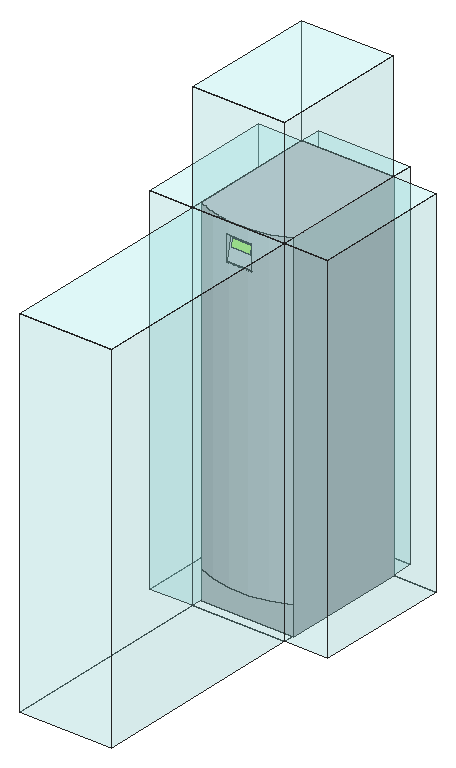
Revit family "Legrand-Ups-Trimod_HE-10_80kVA", category Installations électriques, Revit 2018
Family settings
  Conserver l'orientation des annotations = Non
  Cote de connecteur circulaire = Utiliser le diamètre
  Type d'élément = Normal
  Numéro OmniClass = 23.80.10.17.34
  Titre OmniClass = Static Uninterruptible Power Supplies
  Basée sur le plan de construction = Non
  Toujours verticalement = Oui
  Couper avec des vides une fois chargée = Non
  Partagée = Non
  Point de calcul de pièce = Non
Parameters (values of type "LG-310469")
  Visibilità aree d'installazione = yes
  URL = "https://ups.legrand.com/en/products/trimod-he"
  General Conditions of Use = "https://export.legrand.com/en/terms-of-use-BIM-objects"
  Fabricant = "LEGRAND"
  Output power factor = 1
  Output Voltage = "380,400,415 Vac"
  Operating temperature = "from 0°C to +40°C"
  Operating altitude = "up to 1000 m altitude without derating"
  Number of installed battry (N°block - Ah) = ""
  Number of installed PM (N° x kW) = ""
  Modèle = "TRIMOD HE"
  Max sound pressure level = "< 58-62 dB at 1m"
  Max number of battery drawer (N°block - Ah) = "3 strings of 4 drawers (5 pcs 12V 9Ah)"
  Max number of PM (N° x kW) = "6 x 5 kW"
  Installation type = "On the floor"
  Installation space = 0.42 m³
  Input / Output phase configuration = "3ph+N+PE/3ph+N+PE"
  Humidity = "0-95% not condensing"
  Frequency of use = "50 Hz or 60 Hz selectable"
  Connection constraint (signal) = "Behind and above"
  Connection constraint = "Ahead and bottom"
  Conductors = "Cables"
  Cabinet Depth = 628 mm
  Nominal Power = 0 kVA
  Weight = 106.0 kg
  Cabinet Width = 414 mm
  Back Clearance = 100 mm
  Side Clearance = 200 mm
  Front Clearance = 1000 mm
  Cabinet Height = 1650 mm
  Active power of use = 0 kW
Types (40, lengths in mm): name | Output Voltage | Number of installed battry (N°block - Ah) | Number of installed PM (N° x kW) | Max sound pressure level | Max number of battery drawer (N°block - Ah) | Max number of PM (N° x kW) | Installation space | Input / Output phase configuration | Nominal Power | Weight | Cabinet Height | Active power of use
  (no name) | "220,230,240 Vac /380,400,415 Vac" | "3 string of 4 drawers (5 pcs 12V 9Ah)" | "6 x 5 kW" | "< 46 dB at 1m" | "3 string of 4 drawers (5 pcs 12V 9Ah)" | "" | 0.35 m³ | "1ph+N+PE/1ph+N+PE 3ph+N+PE/1ph+N+PE  1ph+N+PE/3ph+N+PE 3ph+N+PE/3ph+N+PE" | 30 kVA | 325.0 kg | 1370 | 30 kW
  LG-310442 | "220,230,240 Vac /380,400,415 Vac" | "1 string of 4 drawers (5 pcs 12V 9Ah)" | "3 x 3,4 kW" | "< 46 dB at 1m" | "3 string of 4 drawers (5 pcs 12V 7,2Ah)" | "" | 0.35 m³ | "1ph+N+PE/1ph+N+PE 3ph+N+PE/1ph+N+PE  1ph+N+PE/3ph+N+PE 3ph+N+PE/3ph+N+PE" | 10 kVA | 167.0 kg | 1370 | 10 kW
  LG-310443 | "220,230,240 Vac /380,400,415 Vac" | "2 string of 4 drawers (5 pcs 12V 7,2Ah)" | "3 x 3,4 kW" | "< 46 dB at 1m" | "3 string of 4 drawers (5 pcs 12V 7,2Ah)" | "" | 0.35 m³ | "1ph+N+PE/1ph+N+PE 3ph+N+PE/1ph+N+PE  1ph+N+PE/3ph+N+PE 3ph+N+PE/3ph+N+PE" | 10 kVA | 223.0 kg | 1370 | 10 kW
  LG-310444 | "220,230,240 Vac /380,400,415 Vac" | "3 string of 4 drawers (5 pcs 12V 9Ah)" | "3 x 3,4 kW" | "< 46 dB at 1m" | "3 string of 4 drawers (5 pcs 12V 7,2Ah)" | "" | 0.35 m³ | "1ph+N+PE/1ph+N+PE 3ph+N+PE/1ph+N+PE  1ph+N+PE/3ph+N+PE 3ph+N+PE/3ph+N+PE" | 10 kVA | 279.0 kg | 1370 | 10 kW
  LG-310402 | "220,230,240 Vac /380,400,415 Vac" | "4 string of 4 drawers (5 pcs 12V 7,2Ah)" | "3 x 3,4 kW" | "< 46 dB at 1m" | "4 string of 4 drawers (5 pcs 12V 7,2Ah)" | "" | 0.42 m³ | "1ph+N+PE/1ph+N+PE 3ph+N+PE/1ph+N+PE  1ph+N+PE/3ph+N+PE 3ph+N+PE/3ph+N+PE" | 10 kVA | 350.0 kg | 1650 | 10 kW
  LG-310445 | "220,230,240 Vac /380,400,415 Vac" | "1 string of 4 drawers (5 pcs 12V 9Ah)" | "3 x 5 kW" | "< 46 dB at 1m" | "3 string of 4 drawers (5 pcs 12V 7,2Ah)" | "" | 0.35 m³ | "1ph+N+PE/1ph+N+PE 3ph+N+PE/1ph+N+PE  1ph+N+PE/3ph+N+PE 3ph+N+PE/3ph+N+PE" | 15 kVA | 220.0 kg | 1370 | 15 kW
  LG-310446 | "220,230,240 Vac /380,400,415 Vac" | "2 string of 4 drawers (5 pcs 12V 9Ah)" | "3 x 5 kW" | "< 46 dB at 1m" | "3 string of 4 drawers (5 pcs 12V 9Ah)" | "" | 0.35 m³ | "1ph+N+PE/1ph+N+PE 3ph+N+PE/1ph+N+PE  1ph+N+PE/3ph+N+PE 3ph+N+PE/3ph+N+PE" | 15 kVA | 279.0 kg | 1370 | 15 kW
  LG-310407 | "220,230,240 Vac /380,400,415 Vac" | "3 string of 4 drawers (5 pcs 12V 9Ah)" | "3 x 5 kW" | "< 46 dB at 1m" | "4 string of 4 drawers (5 pcs 12V 9Ah)" | "" | 0.42 m³ | "1ph+N+PE/1ph+N+PE 3ph+N+PE/1ph+N+PE  1ph+N+PE/3ph+N+PE 3ph+N+PE/3ph+N+PE" | 15 kVA | 350.0 kg | 1650 | 15 kW
  LG-310447 | "220,230,240 Vac /380,400,415 Vac" | "1 string of 4 drawers (5 pcs 12V 9Ah)" | "3 x 6,7 kW" | "< 46 dB at 1m" | "3 string of 4 drawers (5 pcs 12V 7,2Ah)" | "" | 0.35 m³ | "1ph+N+PE/1ph+N+PE 3ph+N+PE/1ph+N+PE  1ph+N+PE/3ph+N+PE 3ph+N+PE/3ph+N+PE" | 20 kVA | 220.0 kg | 1370 | 20 kW
  LG-310448 | "220,230,240 Vac /380,400,415 Vac" | "2 string of 4 drawers (5 pcs 12V 9Ah)" | "3 x 6,7 kW" | "< 46 dB at 1m" | "3 string of 4 drawers (5 pcs 12V 7,2Ah)" | "" | 0.35 m³ | "1ph+N+PE/1ph+N+PE 3ph+N+PE/1ph+N+PE  1ph+N+PE/3ph+N+PE 3ph+N+PE/3ph+N+PE" | 20 kVA | 279.0 kg | 1370 | 20 kW
  LG-310413 | "220,230,240 Vac /380,400,415 Vac" | "3 string of 4 drawers (5 pcs 12V 9Ah)" | "3 x 6,7 kW" | "< 46 dB at 1m" | "4 string of 4 drawers (5 pcs 12V 9Ah)" | "" | 0.42 m³ | "1ph+N+PE/1ph+N+PE 3ph+N+PE/1ph+N+PE  1ph+N+PE/3ph+N+PE 3ph+N+PE/3ph+N+PE" | 20 kVA | 350.0 kg | 1650 | 20 kW
  LG-310417 | "220,230,240 Vac /380,400,415 Vac" | "3 string of 4 drawers (5 pcs 12V 9Ah)" | "6 x 5 kW" | "< 46 dB at 1m" | "3 string of 4 drawers (5 pcs 12V 9Ah)" | "" | 0.35 m³ | "1ph+N+PE/1ph+N+PE 3ph+N+PE/1ph+N+PE  1ph+N+PE/3ph+N+PE 3ph+N+PE/3ph+N+PE" | 30 kVA | 325.0 kg | 1370 | 30 kW
  LG-310396 | "220,230,240 Vac /380,400,415 Vac" | "" | "3 x 3,4 kW" | "< 46 dB at 1m" | "3 string of 4 drawers (5 pcs 12V 7,2Ah)" | "" | 0.35 m³ | "1ph+N+PE/1ph+N+PE 3ph+N+PE/1ph+N+PE  1ph+N+PE/3ph+N+PE 3ph+N+PE/3ph+N+PE" | 10 kVA | 120.0 kg | 1370 | 10 kW
  LG-310397 | "220,230,240 Vac /380,400,415 Vac" | "" | "3 x 3,4 kW" | "< 46 dB at 1m" | "4 strings of 4 drawers (5 pcs 12V 7.2Ah)" | "" | 0.42 m³ | "1ph+N+PE/1ph+N+PE 3ph+N+PE/1ph+N+PE  1ph+N+PE/3ph+N+PE 3ph+N+PE/3ph+N+PE" | 10 kVA | 155.0 kg | 1650 | 10 kW
  LG-310408 | "220,230,240 Vac /380,400,415 Vac" | "" | "3 x 3,4 kW" | "< 46 dB at 1m" | "3 strings of 4 drawers (5 pcs 12V 9Ah)" | "" | 0.35 m³ | "1ph+N+PE/1ph+N+PE 3ph+N+PE/1ph+N+PE  1ph+N+PE/3ph+N+PE 3ph+N+PE/3ph+N+PE" | 15 kVA | 120.0 kg | 1370 | 15 kW
  LG-310403 | "220,230,240 Vac /380,400,415 Vac" | "" | "3 x 5 kW" | "< 46 dB at 1m" | "4 strings of 4 drawers (5 pcs 12V 9Ah)" | "" | 0.42 m³ | "1ph+N+PE/1ph+N+PE 3ph+N+PE/1ph+N+PE  1ph+N+PE/3ph+N+PE 3ph+N+PE/3ph+N+PE" | 15 kVA | 155.0 kg | 1650 | 15 kW
  LG-310414 | "220,230,240 Vac /380,400,415 Vac" | "" | "3 x 6,7 kW" | "< 46 dB at 1m" | "3 strings of 4 drawers (5 pcs 12V 9Ah)" | "" | 0.35 m³ | "1ph+N+PE/1ph+N+PE 3ph+N+PE/1ph+N+PE  1ph+N+PE/3ph+N+PE 3ph+N+PE/3ph+N+PE" | 20 kVA | 120.0 kg | 1370 | 20 kW
  LG-310409 | "380,400,415 Vac" | "" | "3 x 6,7 kW" | "< 46 dB at 1m" | "3 strings of 4 drawers (5 pcs 12V 9Ah)" | "" | 0.42 m³ | "3ph+N+PE/3ph+N+PE" | 20 kVA | 155.0 kg | 1650 | 20 kW
  LG-310418 | "220,230,240 Vac /380,400,415 Vac" | "" | "6 x 5 kW" | "< 46 dB at 1m" | "" | "" | 0.35 m³ | "1ph+N+PE/1ph+N+PE 3ph+N+PE/1ph+N+PE  1ph+N+PE/3ph+N+PE 3ph+N+PE/3ph+N+PE" | 30 kVA | 146.0 kg | 1370 | 30 kW
  LG-310415 | "380,400,415 Vac" | "" | "6 x 5 kW" | "< 46 dB at 1m" | "3 strings of 4 drawers (5 pcs 12V 9Ah)" | "" | 0.42 m³ | "3ph+N+PE/3ph+N+PE" | 30 kVA | 181.0 kg | 1650 | 30 kW
  LG-310419 | "380,400,415 Vac" | "" | "6 x 6,7 kW" | "< 46 dB at 1m" | "" | "" | 0.35 m³ | "3ph+N+PE/3ph+N+PE" | 40 kVA | 146.0 kg | 1370 | 40 kW
  LG-310420 | "380,400,415 Vac" | "" | "9 x 6,7 kW" | "< 46 dB at 1m" | "" | "" | 0.35 m³ | "3ph+N+PE/3ph+N+PE" | 60 kVA | 165.0 kg | 1370 | 60 kW
  LG-310422 | "220,230,240 Vac / 380,400,415 Vac" | "" | "" | "" | "3 strings of 4 drawers (5 pcs 12V 7.2Ah)" | "3 x 3,4 kW" | 0.35 m³ | "1ph+N+PE/1ph+N+PE 3ph+N+PE/1ph+N+PE  1ph+N+PE/3ph+N+PE 3ph+N+PE/3ph+N+PE" | 0 kVA | 85.0 kg | 1370 | 0 kW
  LG-310431 | "220,230,240 Vac / 380,400,415 Vac" | "" | "" | "" | "4 strings of 4 drawers (5 pcs 12V 7.2Ah)" | "3 x 3,4 kW" | 0.42 m³ | "1ph+N+PE/1ph+N+PE 3ph+N+PE/1ph+N+PE  1ph+N+PE/3ph+N+PE 3ph+N+PE/3ph+N+PE" | 0 kVA | 98.0 kg | 1650 | 0 kW
  LG-310423 | "220,230,240 Vac / 380,400,415 Vac" | "" | "" | "" | "3 strings of 4 drawers (5 pcs 12V 9Ah)" | "3 x 5 or 6,7 kW" | 0.35 m³ | "1ph+N+PE/1ph+N+PE 3ph+N+PE/1ph+N+PE  1ph+N+PE/3ph+N+PE 3ph+N+PE/3ph+N+PE" | 0 kVA | 90.0 kg | 1370 | 0 kW
  LG-310432 | "220,230,240 Vac / 380,400,415 Vac" | "" | "" | "" | "3 strings of 4 drawers (5 pcs 12V 9Ah)" | "3 x 5 or 6,7 kW" | 0.42 m³ | "1ph+N+PE/1ph+N+PE 3ph+N+PE/1ph+N+PE  1ph+N+PE/3ph+N+PE 3ph+N+PE/3ph+N+PE" | 0 kVA | 102.0 kg | 1650 | 0 kW
  LG-310433 | "220,230,240 Vac / 380,400,415 Vac" | "" | "" | "" | "4 strings of 4 drawers (5 pcs 12V 9Ah)" | "3 x 5 or 6,7 kW" | 0.42 m³ | "1ph+N+PE/1ph+N+PE 3ph+N+PE/1ph+N+PE  1ph+N+PE/3ph+N+PE 3ph+N+PE/3ph+N+PE" | 0 kVA | 102.0 kg | 1650 | 0 kW
  LG-310424 | "220,230,240 Vac / 380,400,415 Vac" | "" | "" | "" | "" | "6 x 5 kW" | 0.35 m³ | "3ph+N+PE/3ph+N+PE" | 0 kVA | 80.0 kg | 1370 | 0 kW
  LG-310425 | "220,230,240 Vac / 380,400,415 Vac" | "" | "" | "" | "" | "6 x 5 kW" | 0.35 m³ | "1ph+N+PE/1ph+N+PE 3ph+N+PE/1ph+N+PE  1ph+N+PE/3ph+N+PE 3ph+N+PE/3ph+N+PE" | 0 kVA | 85.0 kg | 1370 | 0 kW
  LG-310434 | "380,400,415 Vac" | "" | "" | "" | "3 strings of 4 drawers (5 pcs 12V 9Ah)" | "6 x 5 kW" | 0.42 m³ | "3ph+N+PE/3ph+N+PE" | 0 kVA | 104.0 kg | 1650 | 0 kW
  LG-310426 | "380,400,415 Vac" | "" | "" | "" | "" | "6 x 6,7 kW" | 0.35 m³ | "3ph+N+PE/3ph+N+PE" | 0 kVA | 80.0 kg | 1370 | 0 kW
  LG-310427 | "380,400,415 Vac" | "" | "" | "" | "" | "9 x 6,7 kW" | 0.35 m³ | "3ph+N+PE/3ph+N+PE" | 0 kVA | 90.0 kg | 1370 | 0 kW
  LG-310465 | "220,230,240 Vac / 380,400,415 Vac" | "" | "" | "< 58-62 dB at 1m" | "3 strings of 4 drawers (5 pcs 12V 7,2 or 9Ah)" | "3 x 3,4 kW" | 0.35 m³ | "1ph+N+PE/1ph+N+PE 3ph+N+PE/1ph+N+PE  1ph+N+PE/3ph+N+PE 3ph+N+PE/3ph+N+PE" | 0 kVA | 86.0 kg | 1370 | 0 kW
  LG-310466 | "220,230,240 Vac / 380,400,415 Vac" | "" | "" | "< 58-62 dB at 1m" | "3 strings of 4 drawers (5 pcs 12V 7,2 or 9Ah)" | "3 x 5 or 6,7 kW" | 0.35 m³ | "1ph+N+PE/1ph+N+PE 3ph+N+PE/1ph+N+PE  1ph+N+PE/3ph+N+PE 3ph+N+PE/3ph+N+PE" | 0 kVA | 89.0 kg | 1370 | 0 kW
  LG-310467 | "220,230,240 Vac / 380,400,415 Vac" | "" | "" | "< 58-62 dB at 1m" | "4 strings of 4 drawers (5 pcs 12V 7,2 or 9Ah)" | "3 x 5 or 6,7 kW" | 0.42 m³ | "1ph+N+PE/1ph+N+PE 3ph+N+PE/1ph+N+PE  1ph+N+PE/3ph+N+PE 3ph+N+PE/3ph+N+PE" | 0 kVA | 103.0 kg | 1650 | 0 kW
  LG-310468 | "220,230,240 Vac / 380,400,415 Vac" | "" | "" | "< 58-62 dB at 1m" | "" | "6 x 3,4 or 5 kW" | 0.35 m³ | "1ph+N+PE/1ph+N+PE 3ph+N+PE/1ph+N+PE  1ph+N+PE/3ph+N+PE 3ph+N+PE/3ph+N+PE" | 0 kVA | 85.0 kg | 1370 | 0 kW
  LG-310469 | "380,400,415 Vac" | "" | "" | "< 58-62 dB at 1m" | "3 strings of 4 drawers (5 pcs 12V 9Ah)" | "6 x 5 kW" | 0.42 m³ | "3ph+N+PE/3ph+N+PE" | 0 kVA | 106.0 kg | 1650 | 0 kW
  LG-310471 | "380,400,415 Vac" | "" | "" | "< 58-62 dB at 1m" | "" | "6 x 6,7 kW" | 0.35 m³ | "3ph+N+PE/3ph+N+PE" | 0 kVA | 82.0 kg | 1370 | 0 kW
  LG-310472 | "380,400,415 Vac" | "" | "" | "< 58-62 dB at 1m" | "" | "9 x 6,7 kW" | 0.35 m³ | "3ph+N+PE/3ph+N+PE" | 0 kVA | 91.0 kg | 1370 | 0 kW
  LG-310473 | "380,400,415 Vac" | "" | "" | "< 58-62 dB at 1m" | "" | "12 x 6,7 kW" | 0.42 m³ | "3ph+N+PE/3ph+N+PE" | 0 kVA | 120.0 kg | 1650 | 0 kW
Reference planes
  plane 1 "Centro (Fronte/Retro)": y = 0
  plane 2: z = 0
  plane 3 "Centro (Sinistra/Destra)": x = 0
  plane 4: x = 212
  plane 5: x = -212
  plane 6: y = 314
  plane 7 "Piano Frontale": y = -314
  plane 8 "PIANO TETTO ARMADIO": z = 1650
  plane 9: y = 155
  plane 10: z = 133.5
  plane 11 "Piano chiusura x Battery": z = 1594
  plane 12 "Piano conn dati": z = 1616.018
Forms (mm)
  Extrusion 1, solid
    sketch origin (0, 0, 0) x (1, 0, 0) y (0, 1, 0)
      loop
        line (-212, 314) -> (-212, -314) -> (212, -314) -> (212, 314) -> (-212, 314)
    from 0 to 1650
  Extrusion 2, void
    sketch origin (0, 0, 0) x (1, 0, 0) y (0, 1, 0)
      loop
        line (-212, -263.35) -> (-212, -314) -> (212, -314) -> (212, -263.35)
        arc (212, -263.35) -> (0, -313.879) -> (-212, -263.35) r 470
    from 0 to 1650
  Extrusion 3, void
    sketch origin (1413.306, -314, 1200) x (-1, 0, 0) y (0, 0, 1)
      loop
        line (1625.306, -1066.5) -> (1201.306, -1066.5) -> (1201.306, -1200) -> (1625.306, -1200) -> (1625.306, -1066.5)
    from 0 to 52
  Extrusion 4, void
    sketch origin (0, 0, 0) x (0, 1, 0) y (0, 0, 1)
      loop
        line (-289, 1594) -> (-314, 1594) -> (-314, 1480) -> (-309, 1480) -> (-289, 1594)
    from -58.5 to 58.5
  Extrusion 5, solid, visible <- "Visibilità aree d'installazione"
    sketch origin (0, 0, 0) x (1, 0, 0) y (0, 1, 0)
      loop
        line (-212, 314) -> (-412, 314) -> (-412, -314) -> (-212, -314) -> (-212, 314)
      loop
        line (212, 314) -> (212, -314) -> (412, -314) -> (412, 314) -> (212, 314)
    from 0 to 1650
  Extrusion 6, solid, visible <- "Visibilità aree d'installazione"
    sketch origin (0, 0, 0) x (1, 0, 0) y (0, 1, 0)
      loop
        line (-212, 314) -> (212, 314) -> (212, 414) -> (-212, 414) -> (-212, 314)
      loop
        line (-212, -314) -> (-212, -1314) -> (212, -1314) -> (212, -314) -> (-212, -314)
    from 1650 to 0
  Extrusion 7, solid
    sketch origin (0, 0, 0) x (0, 1, 0) y (0, 0, 1)
      loop
        line (-292.607, 1573.438) -> (-294.577, 1573.784) -> (-300.625, 1539.311) -> (-298.655, 1538.965) -> (-292.607, 1573.438)
    from -45 to 45
  Extrusion 8, solid, visible <- "Visibilità aree d'installazione"
    sketch origin (0, 0, 1594) x (0, -1, 0) y (1, 0, 0)
      loop
        line (-314, -212) -> (314, -212) -> (314, 212) -> (-314, 212) -> (-314, -212)
    from 56 to 556
Cuts and joins
  Extrusion 2, Extrusion 3, Extrusion 4 cuts Extrusion 1
Dimensions and locks
  locked: plane 5 to plane 4 at 424
  equal spacing: plane 5, plane 3 "Centro (Sinistra/Destra)", plane 4
  equal spacing: plane 6, plane 1 "Centro (Fronte/Retro)", plane 7 "Piano Frontale"
  locked: plane 6 to plane 7 "Piano Frontale" at 628
  "Cabinet Height": plane 8 "PIANO TETTO ARMADIO" to level
  locked: plane 9 to plane 7 "Piano Frontale" at 469
  locked: plane 10 to level at 133.5
  locked: plane 8 "PIANO TETTO ARMADIO" to Extrusion 4 sketch curve at 56
  locked: Extrusion 4 sketch curve to Extrusion 4 sketch curve at 25
  locked: Extrusion 4 sketch curve to Extrusion 4 sketch curve at 114
  locked: Extrusion 4 sketch curve to Extrusion 4 sketch curve at 5
  locked: Extrusion 5 sketch curve to cut or joined group of Extrusion 1, Extrusion 2, Extrusion 3, Extrusion 4 at 200
  locked: cut or joined group of Extrusion 1, Extrusion 2, Extrusion 3, Extrusion 4 to Extrusion 5 sketch curve at 200
  locked: Extrusion 6 sketch curve to Extrusion 6 sketch curve at 1000
  locked: Extrusion 6 sketch curve to cut or joined group of Extrusion 1, Extrusion 2, Extrusion 3, Extrusion 4 at 100
  locked: plane 8 "PIANO TETTO ARMADIO" to plane 11 "Piano chiusura x Battery" at 56
  locked: cut or joined group of Extrusion 1, Extrusion 2, Extrusion 3, Extrusion 4 to Extrusion 7 sketch curve at 2
  locked: Extrusion 7 sketch curve to Extrusion 7 sketch curve at 35
  locked: Extrusion 7 sketch curve to cut or joined group of Extrusion 1, Extrusion 2, Extrusion 3, Extrusion 4 at 59.865
  locked: plane 8 "PIANO TETTO ARMADIO" to plane 12 "Piano conn dati" at 33.982
  locked: Extrusion 8 to plane 8 "PIANO TETTO ARMADIO" at 500
  aligned and locked: level to plane 2
  aligned and locked: Extrusion 1 sketch curve to plane 6
  aligned and locked: plane 5 to Extrusion 1 sketch curve
  aligned and locked: Extrusion 1 sketch curve to plane 7 "Piano Frontale"
  aligned and locked: Extrusion 1 sketch curve to plane 4
  aligned and locked: plane 8 "PIANO TETTO ARMADIO" to Extrusion 1
  aligned and locked: Extrusion 2 sketch curve to plane 5
  aligned and locked: plane 7 "Piano Frontale" to Extrusion 2 sketch curve
  aligned and locked: plane 4 to Extrusion 2 sketch curve
  aligned and locked: plane 8 "PIANO TETTO ARMADIO" to cut or joined group of Extrusion 1, Extrusion 2, Extrusion 3, Extrusion 4
  aligned and locked: plane 10 to Extrusion 3 sketch curve
  aligned and locked: Extrusion 3 sketch curve to plane 5
  aligned and locked: plane 4 to Extrusion 3 sketch curve
  aligned and locked: plane 2 to Extrusion 3 sketch curve
  aligned and locked: plane 6 to Extrusion 5 sketch curve
  aligned and locked: plane 5 to Extrusion 5 sketch curve
  aligned and locked: plane 7 "Piano Frontale" to Extrusion 5 sketch curve
  aligned and locked: Extrusion 5 sketch curve to plane 6
  aligned and locked: plane 4 to Extrusion 5 sketch curve
  aligned and locked: Extrusion 5 sketch curve to plane 7 "Piano Frontale"
  aligned and locked: plane 8 "PIANO TETTO ARMADIO" to Extrusion 5
  aligned and locked: Extrusion 6 sketch curve to cut or joined group of Extrusion 1, Extrusion 2, Extrusion 3, Extrusion 4
  aligned and locked: Extrusion 6 sketch curve to Extrusion 5  (x2)
  aligned and locked: plane 4 to Extrusion 6 sketch curve
  aligned and locked: Extrusion 5 to Extrusion 6 sketch curve
  aligned and locked: Extrusion 6 sketch curve to plane 4
  aligned and locked: plane 8 "PIANO TETTO ARMADIO" to Extrusion 6
  aligned and locked: Extrusion 6 to level
  aligned and locked: Extrusion 5 to plane 2
  aligned and locked: plane 7 "Piano Frontale" to Extrusion 4 sketch curve
  aligned and locked: Extrusion 7 sketch curve to cut or joined group of Extrusion 1, Extrusion 2, Extrusion 3, Extrusion 4
  aligned and locked: Extrusion 8 sketch curve to plane 7 "Piano Frontale"
  aligned and locked: plane 5 to Extrusion 8 sketch curve
  aligned and locked: Extrusion 8 sketch curve to plane 4
  aligned and locked: Extrusion 8 sketch curve to plane 6
  aligned and locked: Extrusion 8 to plane 8 "PIANO TETTO ARMADIO"
Automatic sketch dimensions
  Extrusion 2 sketch curve to plane 3 "Centro (Sinistra/Destra)" = 0 mm
  Extrusion 2 sketch curve to Extrusion 2 sketch curve = 50.65 mm
  plane 9 to Extrusion 2 sketch curve = 1.121 mm
Connectors
  electrical at (0, 314, 1616.018)
    settings: index 4, voltage 0 V, apparent load 0 kW, apparent load phase1 0 kW, apparent load phase2 0 kW, apparent load phase3 0 kW, power factor 1, load classification "Altro", number of poles 1, system type 14, power factor state 1, is connector primary yes, connector utility no, sub classification motor no, connector description "Interfaccia Dati utente"
  electrical at (0, -184, 0), driven by "Nominal Power"
    settings: index 5, voltage 400 V, apparent load 0 kW, apparent load phase1 0 kW, apparent load phase2 0 kW, apparent load phase3 0 kW, power factor 0.99, load classification "Altro", number of poles 3, system type 30, power factor state 1, is connector primary no, connector utility no, sub classification motor no, connector description "Ingresso cavi inferiore"
